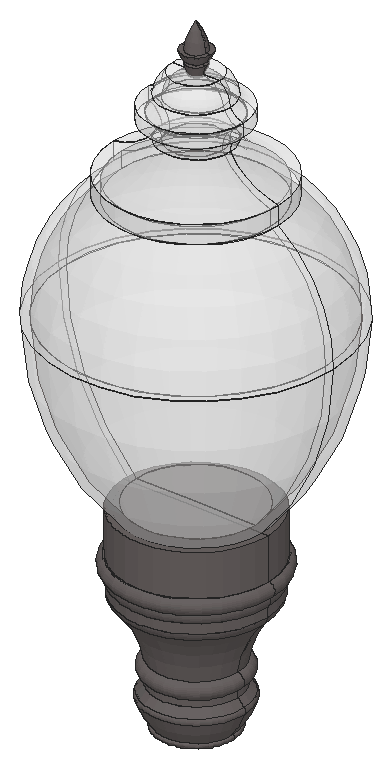
Revit family "FGL - Small", category Lighting Fixtures, host Face, Revit 2021
Family settings
  Host = Face
  Round Connector Dimension = Use Diameter
  Part Type = Normal
  OmniClass Number = 23.80.70.14
  OmniClass Title = Luminaries for External Lighting
  Cut with Voids When Loaded = No
  Light Source = Yes
  Shared = No
  Room Calculation Point = No
Parameters (values of type "FGL - WRZ")
  Wattage Comments = "32 - 185W"  # constant formula
  Wattage = 9.2903 W
  Watt = 185 W
  built-in parameter 1150110 = 1 (stored number, unit not read)
  Voltage [instance] = 120 V
  built-in parameter 1114217 = 1 (stored number, unit not read)
  Tilt Angle = -90.00°
  built-in parameter 1150109 = 1 (stored number, unit not read)
  built-in parameter 1150134 = 3
  built-in parameter 1150113 = 1 (stored number, unit not read)
  Product Page URL = ""
  Product Documentation Link = ""
  Photometric Web File = "FGS-LF-SAL-T3-35LED-BW.IES"
  built-in parameter 1150105 = 109.82 (stored number, unit not read)
  Lumens = 1380 lm
  built-in parameter 1150115 = 1 (stored number, unit not read)
  built-in parameter 1150137 = (empty or 0)
  built-in parameter 1150139 = (empty or 0)
  built-in parameter 1150112 = 1 (stored number, unit not read)
  built-in parameter 1150114 = 1 (stored number, unit not read)
  Is Volt [instance] = Voltage : 120V
  URL = "https://www.currentlighting.com/aal"
  RB [instance] = not(LF)  # no
  Optical Style [instance] = Optical Style : BLO
  Model = "FGL-Small"  # constant formula
  Manufacturer = "Architectural Area Lighting"  # constant formula
  Load Classification = Lighting
  Lamp = "LED Lamp"  # constant formula
  LF [instance] = yes
  built-in parameter 1150132 = (empty or 0)
  built-in parameter 1150102 = (empty or 0)
  built-in parameter 1150107 = 3200 (stored number, unit not read)
  built-in parameter 1150138 = (empty or 0)
  built-in parameter 1150106 = 1.0982 (stored number, unit not read)
  Glass = Glass-Frosted
  Finish = Aluminum-Metalic Bronze
  Emit from Circle Diameter = 10.000"
  Emit Shape Visible in Rendering = no
  built-in parameter 1150104 = 13.8 (stored number, unit not read)
  Dimming Lamp Color Temperature Shift = <None>
  Description = "Two fitter designs to accommodate architectural requirements"  # constant formula
  Default Elevation = 48.000"
  Contact us = ""
  Color Filter = 16777215
  built-in parameter 1114218 = 1 (stored number, unit not read)
  built-in parameter 1150133 = 10 (stored number, unit not read)
  Apparent Load = 0 VA
Types (14): name | Tilt Angle | Photometric Web File | Is Volt | Optical Style | Finish | Emit from Circle Diameter
  (no name) | -90.00° | "FGS-LF-SAL-T3-35LED-BW.IES" | Voltage : 120V | Optical Style : BLO | Aluminum-Metalic Bronze | 10.000"
  FGL - AWT | 60.00° | "generic" | Voltage : 208V | Optical Style : CCO | Aluminum-Artic White | 24.000"
  FGL - BLK | 60.00° | "generic" | Voltage : 120V | Optical Style : CCO | Aluminum-Black | 24.000"
  FGL - MTB | 60.00° | "generic" | Voltage : 120V | Optical Style : CCO | Aluminum-Matte Black | 24.000"
  FGL - DGN | 60.00° | "generic" | Voltage : 120V | Optical Style : CCO | Aluminum-Dark Green | 24.000"
  FGL - DBZ | 60.00° | "generic" | Voltage : 120V | Optical Style : GR3 | Aluminum-Dark Bronze | 24.000"
  FGL - WRZ | -90.00° | "FGS-LF-SAL-T3-35LED-BW.IES" | Voltage : 120V | Optical Style : BLO | Aluminum-Metalic Bronze | 10.000"
  FGL - BRM | 60.00° | "generic" | Voltage : 120V | Optical Style : CCO | Aluminum-Metalic Bronze | 24.000"
  FGL - VBL | 60.00° | "generic" | Voltage : 120V | Optical Style : CCO | Aluminum-Verde Blue | 24.000"
  FGL - CRT | 60.00° | "generic" | Voltage : 120V | Optical Style : CCO | Aluminum-Corten | 24.000"
  FGL - MAL | 60.00° | "generic" | Voltage : 120V | Optical Style : CCO | Aluminum-Matte | 24.000"
  FGL - MDG | 60.00° | "generic" | Voltage : 120V | Optical Style : CCO | Aluminum-Medium Grey | 24.000"
  FGL - ATG | 60.00° | "generic" | Voltage : 120V | Optical Style : CCO | Aluminum-Antique Green | 24.000"
  FGL - LGY | 60.00° | "generic" | Voltage : 120V | Optical Style : CCO | Aluminum-Light Grey | 24.000"
Reference planes (in)
  plane 1 "Center (Front/Back)": y = 0
  plane 2: z = 0
  plane 3 "Center (Left/Right)": x = 0
  plane 4: x = -8.75
  plane 5: x = 8.75
  plane 6: x = 2.5
  plane 7: x = -2.5
  plane 8: z = 31.17106
  plane 9: z = 36
  plane 10: z = 11.2
Forms (in)
  Revolve 1, solid, material "Aluminum-Metalic Bronze" <- "Finish", visible <- "LF"
    sketch origin (0, 0, 0) x (1, 0, 0) y (0, 0, 1)
      loop
        line (0, 0) -> (0, 11.2) -> (-4.13784, 11.2) -> (-4.13784, 8.84693) -> (-4.21618, 8.84693)
        arc (-4.21618, 8.84693) -> (-4.48459, 8.43592) -> (-4.21618, 8.02491) r 0.44888
        arc (-4.21618, 8.02491) -> (-4.20301, 7.7618) -> (-4.08286, 7.52735) r 0.6266
        line (-4.08286, 7.52735) -> (-4.08286, 6.97635)
        arc (-4.08286, 6.97635) -> (-3.9944, 6.73052) -> (-3.83199, 6.52587) r 0.80639
        arc (-3.83199, 6.52587) -> (-2.86538, 5.16798) -> (-2.3698, 3.57657) r 5.28436
        arc (-2.3698, 3.57657) -> (-2.72531, 3.13072) -> (-2.3698, 2.68487) r 0.45733
        line (-2.3698, 2.68487) -> (-2.3698, 2.27386) -> (-2.73536, 1.85333)
        arc (-2.73536, 1.85333) -> (-2.80607, 1.71006) -> (-2.79232, 1.55088) r 0.29701
        arc (-2.79232, 1.55088) -> (-2.47438, 0.86314) -> (-2.05505, 0.23208) r 4.94236
        arc (-2.05505, 0.23208) -> (-2.17108, 0.11604) -> (-2.05505, 0) r 0.11604
        line (-2.05505, 0) -> (0, 0)
      axis (0, 11.2) -> (0, 0)
    angle from 0 to 360
  Revolve 2, solid, material "Glass-Frosted" <- "Glass"
    sketch origin (0, 0, -2.5) x (1, 0, 0) y (0, 0, 1)
      loop
        line (0, 13.65852) -> (0, 13.96855) -> (-3.43183, 13.96855)
        arc (-3.43183, 13.96855) -> (-6.37716, 18.36588) -> (-7.44506, 23.54958) r 13.76259
        arc (-7.44506, 23.54958) -> (-6.62099, 26.96256) -> (-4.27911, 29.5785) r 7.19079
        line (-4.27911, 29.5785) -> (-4.27911, 30.49596)
        arc (-4.27911, 30.49596) -> (-2.69621, 31.23913) -> (-1.52373, 32.53651) r 4.43407
        arc (-1.52373, 32.53651) -> (-1.69902, 33.34279) -> (-2.29177, 33.91679) r 1.4251
        line (-2.29177, 33.91679) -> (-2.29177, 34.03614)
        arc (-2.29177, 34.03614) -> (-1.84969, 34.34325) -> (-1.54791, 34.789) r 1.46908
        arc (-1.54791, 34.789) -> (-1.04184, 35.74259) -> (0, 36.02544) r 1.3576
        line (0, 36.02544) -> (0, 36.05658) -> (-1.36523, 36.05658)
        arc (-1.36523, 36.05658) -> (-1.78005, 35.54588) -> (-1.98436, 34.92046) r 1.80566
        arc (-1.98436, 34.92046) -> (-2.29642, 34.55232) -> (-2.74299, 34.36929) r 1.01787
        line (-2.74299, 34.36929) -> (-2.74299, 33.60271)
        arc (-2.74299, 33.60271) -> (-2.17688, 33.24944) -> (-1.97106, 32.61469) r 0.97389
        arc (-1.97106, 32.61469) -> (-3.1604, 31.42996) -> (-4.73033, 30.83543) r 4.01286
        line (-4.73033, 30.83543) -> (-4.73033, 29.81361)
        arc (-4.73033, 29.81361) -> (-7.07597, 27.0646) -> (-7.89626, 23.5452) r 7.642
        arc (-7.89626, 23.5452) -> (-6.79548, 18.19705) -> (-3.75966, 13.65852) r 14.21366
        line (-3.75966, 13.65852) -> (0, 13.65852)
      axis (0, 36.05658) -> (0, 13.65852)
    angle from 0 to 360
  Revolve 3, solid, material "Aluminum-Metalic Bronze" <- "Finish"
    sketch origin (0, 0, -5) x (1, 0, 0) y (0, 0, 1)
      loop
        line (0, 38.44473) -> (0, 41.19473)
        arc (0, 41.19473) -> (-0.37278, 40.48717) -> (-0.56878, 39.71181) r 3.37825
        line (-0.56878, 39.71181) -> (-0.83802, 39.71181) -> (-0.63287, 39.27185) -> (-0.27269, 39.27185) -> (-0.27269, 39.0363) -> (-0.55633, 39.0363) -> (-0.36412, 38.44473) -> (0, 38.44473)
      axis (0, 41.19473) -> (0, 38.44473)
    angle from 0 to 360
  Revolve 4, solid, material "Aluminum-Metalic Bronze" <- "Finish", visible <- "RB"
    sketch origin (0, 0, 0) x (1, 0, 0) y (0, 0, 1)
      loop
        line (-2.87706, 0) -> (0, 0) -> (0, 11.2) -> (-4.6942, 11.2) -> (-4.6942, 10.19605) -> (-5.18036, 10.19605) -> (-5.18036, 9.09356) -> (-5.35834, 8.99081) -> (-5.35834, 8.16879) -> (-4.39073, 8.16879) -> (-4.39073, 7.96329)
        arc (-4.39073, 7.96329) -> (-4.80174, 7.79304) -> (-4.97199, 7.38203) r 0.58125
        line (-4.97199, 7.38203) -> (-4.97199, 7.17653) -> (-4.76648, 7.17653) -> (-4.76648, 6.99526)
        arc (-4.76648, 6.99526) -> (-4.27269, 5.27945) -> (-3.12635, 3.91062) r 4.31331
        line (-3.12635, 3.91062) -> (-3.12635, 3.76963)
        arc (-3.12635, 3.76963) -> (-2.89249, 3.1266) -> (-2.52975, 2.54643) r 3.26483
        line (-2.52975, 2.54643) -> (-2.67156, 2.54643) -> (-2.67156, 2.34093)
        arc (-2.67156, 2.34093) -> (-2.7368, 2.28785) -> (-2.78987, 2.22261) r 0.41114
        arc (-2.78987, 2.22261) -> (-2.80141, 2.06278) -> (-2.67156, 1.96888) r 0.1646
        line (-2.67156, 1.96888) -> (-2.67156, 0.32485) -> (-2.87706, 0.32485) -> (-2.87706, 0)
      axis (0, 11.2) -> (0, 0)
    angle from 0 to 360
Dimensions and locks (in)
  equal spacing: plane 5, plane 3 "Center (Left/Right)", plane 4
  locked: plane 3 "Center (Left/Right)" to plane 4 at 8.75
  equal spacing: plane 6, plane 3 "Center (Left/Right)", plane 7
  locked: plane 3 "Center (Left/Right)" to plane 7 at 2.5
  plane 5 to plane 4 = 17.500"
  plane 9 to plane 8 to plane 10 to plane 2 = 4.82894", 19.97106", 11.200"
  plane 9 to plane 2 = 36.000"
  aligned and locked: plane 2 to host face
  aligned and locked: level to host face
  aligned and locked: host face to Revolve 1 sketch curve
  aligned and locked: Revolve 1 sketch curve to plane 3 "Center (Left/Right)"  (x2)
  aligned and locked: Revolve 2 sketch curve to plane 3 "Center (Left/Right)"
  aligned and locked: Revolve 3 sketch curve to plane 3 "Center (Left/Right)"
  aligned and locked: Revolve 4 sketch curve to plane 3 "Center (Left/Right)"
Automatic sketch dimensions
  host sketch curve to host sketch curve = 96.000"
  host sketch curve to host sketch curve = 95.95855"
  Revolve 4 sketch curve to plane 10 = 0.000"
  Revolve 4 sketch curve to level = 0.000"
  Revolve 4 sketch curve to plane 3 "Center (Left/Right)" = 0.000"
  Revolve 4 sketch curve to plane 3 "Center (Left/Right)" = 0.46426"
  plane 7 to Revolve 4 sketch curve = 0.05392"
  Revolve 4 sketch curve to plane 7 = 0.02975"
  Revolve 4 sketch curve to plane 7 = 0.15224"
  Revolve 4 sketch curve to plane 7 = 0.17156"  (x2)
  Revolve 4 sketch curve to plane 7 = 0.37706"
  Revolve 4 sketch curve to plane 7 = 0.62635"
  Revolve 4 sketch curve to plane 7 = 1.89073"
  Revolve 4 sketch curve to plane 10 = 1.00395"
  Revolve 4 sketch curve to Revolve 4 sketch curve = 0.30347"
  Revolve 4 sketch curve to Revolve 4 sketch curve = 0.37575"
  Revolve 4 sketch curve to Revolve 4 sketch curve = 0.2055"  (x3)
  Revolve 4 sketch curve to Revolve 4 sketch curve = 0.48616"
  Revolve 4 sketch curve to Revolve 4 sketch curve = 0.38635"
  plane 3 "Center (Left/Right)" to Revolve 4 sketch curve = 0.04191"
  level to Revolve 4 sketch curve = 0.32485"
  Revolve 4 sketch curve to Revolve 4 sketch curve = 1.64404"
  Revolve 4 sketch curve to Revolve 4 sketch curve = 0.02825"
  Revolve 4 sketch curve to Revolve 4 sketch curve = 0.16346"
  Revolve 4 sketch curve to Revolve 4 sketch curve = 0.11831"
  Revolve 4 sketch curve to Revolve 4 sketch curve = 1.2232"
  Revolve 4 sketch curve to Revolve 4 sketch curve = 0.14099"
  Revolve 4 sketch curve to Revolve 4 sketch curve = 3.20079"
  Revolve 4 sketch curve to Revolve 4 sketch curve = 0.18126"
  Revolve 4 sketch curve to Revolve 4 sketch curve = 0.78676"
  Revolve 4 sketch curve to Revolve 4 sketch curve = 0.82202"
  Revolve 4 sketch curve to Revolve 4 sketch curve = 0.10275"
  Revolve 4 sketch curve to Revolve 4 sketch curve = 4.875"
  Revolve 4 sketch curve to plane 8 = 9.04606"
  Revolve 1 sketch curve to plane 10 = 0.000"
  level to Revolve 1 sketch curve = 0.11604"
  plane 7 to Revolve 1 sketch curve = 0.44495"
  plane 7 to Revolve 1 sketch curve = 0.23202"
  plane 7 to Revolve 1 sketch curve = 0.1302"
  Revolve 1 sketch curve to plane 7 = 0.01419"
  Revolve 1 sketch curve to plane 7 = 0.23536"
  Revolve 1 sketch curve to plane 7 = 0.78989"
  Revolve 1 sketch curve to Revolve 1 sketch curve = 0.30787"
  Revolve 1 sketch curve to Revolve 1 sketch curve = 0.43795"
  Revolve 1 sketch curve to Revolve 1 sketch curve = 0.4851"
  Revolve 1 sketch curve to plane 7 = 1.63784"
  Revolve 1 sketch curve to Revolve 1 sketch curve = 0.07833"
  plane 4 to Revolve 1 sketch curve = 1.15016"
  Revolve 1 sketch curve to plane 6 = 0.6604"
  Revolve 1 sketch curve to Revolve 1 sketch curve = 1.42301"
  Revolve 1 sketch curve to Revolve 1 sketch curve = 0.19824"
  Revolve 1 sketch curve to Revolve 1 sketch curve = 0.42053"
  Revolve 1 sketch curve to Revolve 1 sketch curve = 0.41101"  (x2)
  level to Revolve 1 sketch curve = 2.82076"
  Revolve 1 sketch curve to Revolve 1 sketch curve = 0.44585"
  level to Revolve 1 sketch curve = 3.27487"
  Revolve 1 sketch curve to plane 10 = 4.22365"
  Revolve 1 sketch curve to Revolve 1 sketch curve = 0.1465"
  Revolve 1 sketch curve to Revolve 1 sketch curve = 0.551"
  Revolve 1 sketch curve to Revolve 1 sketch curve = 0.39662"
  Revolve 1 sketch curve to Revolve 1 sketch curve = 0.51195"
  Revolve 1 sketch curve to Revolve 1 sketch curve = 0.10182"
  Revolve 1 sketch curve to level = 4.050"
  plane 10 to Revolve 1 sketch curve = 3.925"
  Revolve 2 sketch curve to Revolve 2 sketch curve = 0.000"  (x12)
  Revolve 2 sketch curve to plane 3 "Center (Left/Right)" = 0.000"  (x2)
  Revolve 2 sketch curve to plane 3 "Center (Left/Right)" = 0.19454"
  Revolve 2 sketch curve to plane 3 "Center (Left/Right)" = 0.25462"
  plane 7 to Revolve 2 sketch curve = 1.13477"
  plane 7 to Revolve 2 sketch curve = 0.20823"
  Revolve 2 sketch curve to plane 8 = 0.06835"
  Revolve 2 sketch curve to plane 7 = 0.24299"
  Revolve 2 sketch curve to plane 7 = 0.39471"
  Revolve 2 sketch curve to plane 7 = 0.44432"
  plane 10 to Revolve 2 sketch curve = 0.26855"
  Revolve 2 sketch curve to plane 7 = 0.93183"
  Revolve 2 sketch curve to plane 10 = 0.04148"
  Revolve 2 sketch curve to Revolve 2 sketch curve = 0.32783"
  Revolve 2 sketch curve to plane 7 = 1.77911"
  Revolve 2 sketch curve to Revolve 2 sketch curve = 0.45121"
  plane 8 to Revolve 2 sketch curve = 1.1314"
  Revolve 2 sketch curve to Revolve 2 sketch curve = 2.44038"
  Revolve 2 sketch curve to plane 5 = 2.43327"
  Revolve 2 sketch curve to Revolve 2 sketch curve = 9.65085"
  Revolve 2 sketch curve to Revolve 2 sketch curve = 0.06381"
  Revolve 2 sketch curve to plane 8 = 4.09256"
  Revolve 2 sketch curve to Revolve 2 sketch curve = 0.23511"
  Revolve 2 sketch curve to Revolve 2 sketch curve = 0.68235"
  Revolve 2 sketch curve to Revolve 2 sketch curve = 0.33947"
  Revolve 2 sketch curve to Revolve 2 sketch curve = 0.95285"
  plane 8 to Revolve 2 sketch curve = 0.24573"
  Revolve 2 sketch curve to Revolve 2 sketch curve = 0.11935"
  Revolve 2 sketch curve to Revolve 2 sketch curve = 0.33316"
  plane 8 to Revolve 2 sketch curve = 1.01079"
  Revolve 2 sketch curve to Revolve 2 sketch curve = 1.0065"
  Revolve 2 sketch curve to Revolve 2 sketch curve = 1.34359"
  Revolve 2 sketch curve to Revolve 2 sketch curve = 0.03114"
  Revolve 2 sketch curve to Revolve 2 sketch curve = 0.45119"
  Revolve 2 sketch curve to Revolve 2 sketch curve = 0.00015"
  Revolve 2 sketch curve to Revolve 2 sketch curve = 0.18631"
  plane 9 to Revolve 2 sketch curve = 2.56982"
  Revolve 3 sketch curve to plane 3 "Center (Left/Right)" = 0.000"
  Revolve 3 sketch curve to plane 3 "Center (Left/Right)" = 0.27269"
  Revolve 3 sketch curve to Revolve 3 sketch curve = 0.36412"
  Revolve 3 sketch curve to Revolve 3 sketch curve = 0.28365"
  Revolve 3 sketch curve to Revolve 3 sketch curve = 0.29609"
  Revolve 3 sketch curve to Revolve 3 sketch curve = 0.07653"
  Revolve 3 sketch curve to Revolve 3 sketch curve = 0.26924"
  plane 6 to Revolve 3 sketch curve = 0.28142"
  plane 8 to Revolve 3 sketch curve = 2.27368"
  Revolve 3 sketch curve to Revolve 3 sketch curve = 0.59157"
  Revolve 3 sketch curve to Revolve 3 sketch curve = 0.23555"
  Revolve 3 sketch curve to plane 9 = 1.72262"
  Revolve 3 sketch curve to Revolve 3 sketch curve = 0.43996"
  plane 8 to Revolve 3 sketch curve = 0.32894"
  Revolve 3 sketch curve to Revolve 3 sketch curve = 1.55527"
Nested families (in)
  nested 1: "Voltage" at (8.73564, -35.19298, 0), type "120V"
Connectors (in)
  electrical at (0, 0.02072, 0), driven by "Voltage", driven by "Apparent Load", driven by "Load Classification"
    settings: on host face, index 1, voltage 120 V, apparent load 0 VA, apparent load phase1 0 VA, apparent load phase2 0 VA, apparent load phase3 0 VA, power factor 1, load classification "Lighting", number of poles 1, system type 30, power factor state 1, is connector primary yes, connector utility no, sub classification motor no, connector description "Electrical Connector"
Definition of nested family "Voltage"
  Parameters
    Default Elevation = 0.000"
    277V = yes
    240V = no
    208V = no
    120V = no
  Reference planes (in)
    plane 1 "Center (Front/Back)": y = 0
    plane 2: z = 0
    plane 3 "Center (Left/Right)": x = 0
  Dimensions and locks (in)
    aligned and locked: plane 2 to level
